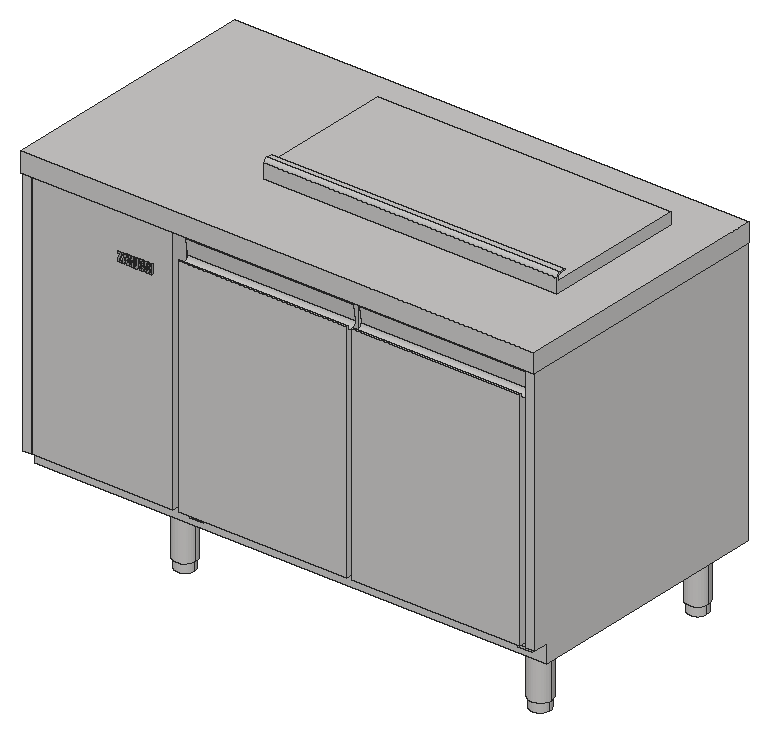
Revit family "QF_ZANUSSI_111035_ZH2SBAA", category Specialty Equipment, Revit 2018
Family settings
  Round Connector Dimension = Use Diameter
  Part Type = Normal
  Work Plane-Based = No
  Always vertical = Yes
  Cut with Voids When Loaded = No
  Shared = No
  Room Calculation Point = No
Parameters
  Weight = 0.00 kg
  Watts = 0.0232258 W
  Volts = 220 V
  URL Manufacturer = "http://www.zanussiprofessional.com/"
  URL = "http://www.zanussiprofessional.com/"
  Steam Supply Size = 0 mm
  Steam Supply Minimum Pressure = 0.0 Pa
  Steam Supply Maximum Pressure = 0.0 Pa
  Steam Pounds per Hour = 0
  Show Logo [instance] = yes
  Show Clearance [instance] = yes
  Refrigeration Suction Line Size = 0 mm
  Refrigeration Liquid Line Size = 0 mm
  Refrigerant Compressor Remote = yes
  Manufacturer = "Zanussi"
  Phase = 1
  Model = "ZH2SBAA"
  Length Actual = 1345 mm  # constant formula
  Item Number = "111035"
  Hot Water Size = 0 mm
  Height Actual = 900 mm  # constant formula
  HP = "0.3 HP"
  Gas Size = 0 mm
  Gas KW = 0
  Gas Input Pressure = 0 W
  Description = "2 DOORS REFR. TABLE-SALADETTE 290L"
  Depth Actual = 700 mm  # constant formula
  Cycle = 50 Hz
  Condensate Return Size = 0 mm
  Compressed Air Volume = 0.0 L/s
  Compressed Air Size = 0 mm
  Compressed Air Pressure = 0.0 Pa
  Cold Water Size = 0 mm
  Accessory = yes
Reference planes
  plane 1 "Center X": y = 182.5
  plane 2: z = 0
  plane 3 "Center Y": x = -126.5
  plane 4: y = -62.5
  plane 5: y = 451.5
  plane 6 "BACK": y = 532.5
  plane 7 "FRONT": y = -167.5
  plane 8: x = -452
  plane 9: x = 478
  plane 10: z = 150
  plane 11 "TOP": z = 900
  plane 12: z = 850
  plane 13 "LEFT": x = -797
  plane 14 "RIGHT": x = 544
  plane 15: x = -799
  plane 16: x = 546
Forms (mm)
  Extrusion 1, solid, material "QF_Finishes_Stainless Steel"
    sketch origin (-126.5, 2, 0) x (0, 1, 0) y (0, 0, 1)
      loop
        line (530.5, 150) -> (530.5, 850) -> (-124.5, 850) -> (-124.5, 150) -> (530.5, 150)
    from -670.5 to 670.5
  Extrusion 2, solid, material "QF_Finishes_Stainless Steel"
    sketch origin (-1022.223, -1524, 150) x (-1, 0, 0) y (0, -1, 0)
      loop
        line (-225.223, -1361.5) -> (-250.223, -1361.5) -> (-250.223, -1401.5) -> (-225.223, -1401.5) -> (-225.223, -1361.5)
      loop
        line (-1566.223, -1401.5) -> (-1541.223, -1401.5) -> (-1541.223, -1361.5) -> (-1566.223, -1361.5) -> (-1566.223, -1401.5)
    from 47 to 700
  Extrusion 3, solid, material "QF_Finishes_Stainless Steel"
    sketch origin (0, 0, 900) x (-1, 0, 0) y (0, -1, 0)
      loop
        circle (-57, -94.5) r 8.45
    from -790.577 to -750
  Extrusion 4, solid, material "QF_Finishes_Stainless Steel"
    sketch origin (0, 0, 0) x (1, 0, 0) y (0, 1, 0)
      loop
        circle (-713, 451.5) r 4
    from 109.423 to 150
  Extrusion 5, solid, material "QF_Finishes_Stainless Steel"
    sketch origin (-126.5, 0, 0) x (0, 1, 0) y (0, 0, 1)
      loop
        line (-167.5, 900) -> (-167.5, 850) -> (532.5, 850) -> (532.5, 900) -> (-167.5, 900)
    from 672.5 to -672.5
Cuts and joins
  joined: Extrusion 1, Extrusion 2
Lines and regions (mm)
  symbolic lines, style "SpecialityEquipmentHiddenLines"
    curve 1: line (-799, -122.5, 900) -> (546, -122.5, 900)
    curve 2: line (-396, -167.5, 900) -> (-396, -122.5, 900)
  symbolic lines, style "SpecialityEquipment"
    curve 3: line (-799, 532.5, 900) -> (546, 532.5, 900)
    curve 4: line (-799, 532.5, 900) -> (-799, -167.5, 900)
    curve 5: line (-799, -167.5, 900) -> (546, -167.5, 900)
    curve 6: line (546, -167.5, 900) -> (546, 532.5, 900)
Dimensions and locks
  locked: plane 6 "BACK" to plane 7 "FRONT" at 700
  equal spacing: plane 6 "BACK", plane 1 "Center X", plane 7 "FRONT"
  locked: plane 6 "BACK" to plane 5 at 81
  plane 10 to level = 150 mm
  plane 11 "TOP" to plane 12 to plane 10 = 50 mm locked, 700 mm locked
  locked: Extrusion 2 sketch curve to Extrusion 2 sketch curve at 25  (x2)
  locked: plane 4 to plane 7 "FRONT" at 105
  locked: plane 6 "BACK" to Extrusion 3 sketch curve at 438
  equal spacing: plane 13 "LEFT", plane 3 "Center Y", plane 14 "RIGHT"
  plane 15 to plane 16 = 1345 mm
  locked: plane 13 "LEFT" to plane 8 at 345
  locked: plane 9 to plane 14 "RIGHT" at 66
  locked: Extrusion 3 sketch curve to plane 14 "RIGHT" at 487
  plane 13 "LEFT" to Extrusion 4 sketch curve = 84 mm
  locked: plane 6 "BACK" to Extrusion 4 sketch curve at 81
  locked: plane 10 to Extrusion 4 at 40.577
  aligned and locked: level to plane 2
  aligned and locked: plane 10 to Extrusion 3
  aligned and locked: nested 4 to plane 4
  aligned and locked: nested 1 to plane 4
  aligned and locked: nested 3 to plane 5
  aligned and locked: nested 2 to plane 5
  aligned and locked: plane 8 to nested 1
  aligned and locked: plane 8 to nested 2
  aligned and locked: plane 9 to nested 4
  aligned and locked: plane 9 to nested 3
  aligned and locked: Extrusion 1 to Extrusion 2
  aligned and locked: Extrusion 2 to Extrusion 1
  aligned and locked: Extrusion 2 sketch curve to plane 14 "RIGHT"
  aligned and locked: plane 13 "LEFT" to Extrusion 2 sketch curve
  aligned and locked: cut or joined group of Extrusion 1, Extrusion 2 to plane 10
  aligned and locked: plane 12 to cut or joined group of Extrusion 1, Extrusion 2
  aligned and locked: plane 10 to Extrusion 4
  aligned and locked: Extrusion 5 sketch curve to plane 11 "TOP"
  aligned and locked: plane 7 "FRONT" to Extrusion 5 sketch curve
  aligned and locked: Extrusion 5 sketch curve to cut or joined group of Extrusion 1, Extrusion 2  (x2)
  aligned and locked: Extrusion 5 to curve 3
Automatic sketch dimensions
  plane 7 "FRONT" to Extrusion 2 sketch curve = 45 mm  (x2)
  plane 7 "FRONT" to Extrusion 2 sketch curve = 5 mm  (x2)
  curve 2 to plane 7 "FRONT" = 0 mm
  curve 5 to plane 15 = 0 mm
  curve 3 to plane 6 "BACK" = 0 mm
  plane 8 to curve 2 = 56 mm
  plane 7 "FRONT" to curve 1 = 45 mm
  Extrusion 1 sketch curve to plane 10 = 0 mm
  Extrusion 1 sketch curve to plane 12 = 0 mm
  Extrusion 1 sketch curve to plane 6 "BACK" = 0 mm
  plane 7 "FRONT" to Extrusion 1 sketch curve = 45 mm
  radius of Extrusion 3 sketch curve = 8.45 mm
  radius of Extrusion 4 sketch curve = 4 mm
Nested families
  nested 1: "Foot_Ø50_H150" at (-452, -62.5, 0), type "Foot_Ø50_H150"
  nested 2: "Foot_Ø50_H150" at (-452, 451.5, 0), type "Foot_Ø50_H150"
  nested 3: "Foot_Ø50_H150" at (478, 451.5, 0), type "Foot_Ø50_H150"
  nested 4: "Foot_Ø50_H150" at (478, -62.5, 0), type "Foot_Ø50_H150"
  nested 5: "Door" at (285, -164.5, 0), Show Clearance <- "Show Clearance", type "Door"
  nested 6: "Door" at (-169, -164.5, 0) x (-1, 0, 0) z (0, 0, 1), Show Clearance <- "Show Clearance", type "Door"
  nested 7: "Refrigerator" at (544, -167.5, 900), type "Refrigerator"
  nested 8: "ZAN_Cooling Unit" at (-587.5, -164.5, 0), Show Logo <- "Show Logo", type "ZAN_Cooling Unit"
  nested 9: "Saladette_2C" at (0, 0, 0), type "Saladette_2C"
    with Show Clearance yes
Connectors
  electrical at (-713, 451.5, 109.423), driven by "Volts"
    settings: on Extrusion 4, index 4, voltage 220 V, apparent load 0 VA, apparent load phase1 0 VA, apparent load phase2 0 VA, apparent load phase3 0 VA, power factor 1, load classification "Altro", number of poles 1, system type 30, power factor state 1, is connector primary yes, connector utility no, sub classification motor no, connector description "Electrical Connection"
  piping at (57, 94.5, 109.423), diameter 17
    settings: on Extrusion 3, index 5, connector inside diameter 609.6 mm, connector length 0 mm, flow factor 0, pipe flow 0.0 L/s, pressure drop 0.0 Pa, fitting loss kfactor 0, connector angle 0.00°, fixture units 0, engagement length 0 mm, angle of deflection 0.00°, flow configuration 1, flow direction 2, fitting loss method 0, system type 16, joint type 0, gender type 0, connector reference index -1, connector utility 0, adjustable connector no, is connector primary yes, connector description "Drain"
Definition of nested family "Foot_Ø50_H150"
  Reference planes
    plane 1 "Centro (Fronte/Retro)": y = 0
    plane 2: z = 0
    plane 3 "Centro (Sinistra/Destra)": x = 0
    plane 4: z = 150
  Forms (mm)
    Revolve 1, solid
      sketch origin (255.05, 0, 608.09) x (0, 0, 1) y (-1, 0, 0)
        loop
          line (-608.09, 255.05) -> (-608.09, 230.05) -> (-583.09, 230.05) -> (-583.09, 226.05) -> (-458.09, 226.05) -> (-458.09, 255.05) -> (-608.09, 255.05)
        axis (-608.09, 255.05) -> (-458.09, 255.05)
      angle from 0 to 360
  Dimensions and locks
    locked: Revolve 1 sketch curve to Revolve 1 sketch curve at 125
    aligned and locked: level to plane 2
    aligned and locked: plane 4 to Revolve 1 sketch curve
    aligned and locked: Revolve 1 sketch curve to level
    aligned and locked: plane 3 "Centro (Sinistra/Destra)" to Revolve 1 sketch curve
Definition of nested family "Door"
  Parameters
    Show Clearance [instance] = yes
  Reference planes
    plane 1 "FRONT": y = -3
    plane 2: z = 0
    plane 3 "Centro (Sinistra/Destra)": x = 0
    plane 4: z = 150
    plane 5: z = 850
    plane 6: x = -234
    plane 7: x = 234
    plane 8: x = -220
    plane 9: x = 220
  Forms (mm)
    Extrusion 1, solid
      sketch origin (0, 53, 511) x (0, 0, 1) y (0, -1, 0)
        loop
          line (-323.003, 28.5) -> (-316.501, 28.5) -> (-316.501, 31) -> (-325.503, 31) -> (-325.503, 13.5) -> (-345.503, 13.5) -> (-345.503, 11) -> (-323.003, 11) -> (-323.003, 23.259) -> (-323.003, 28.5)
        loop
          line (-314, 27) -> (-316.501, 27) -> (-316.501, 18.501) -> (-319.752, 18.501) -> (-319.752, 16) -> (-314, 16) -> (-314, 27)
        loop
          line (315.003, 27) -> (315.003, 13.948) -> (315.003, 11) -> (327.503, 11) -> (327.503, 13.5) -> (317.503, 13.5) -> (317.503, 27) -> (315.003, 27)
      from 185 to 220
    Extrusion 2, solid, visible <- "Show Clearance", detail levels coarse
      sketch origin (0, 53, 511) x (0, -1, 0) y (1, 0, 0)
        loop
          line (51, 220) -> (51, -220)
          arc (51, -220) -> (339.234, -79.44) -> (454, 220) r 437.168
          line (454, 220) -> (51, 220)
      from -314 to 314
    Extrusion 3, solid
      sketch origin (0, 55, 511) x (0, 0, 1) y (0, -1, 0)
        loop
          line (314, 18) -> (314, 29) -> (274.395, 22.5)
          arc (274.395, 22.5) -> (260.395, 36.5) -> (274.395, 50.5) r 14
          line (274.395, 50.5) -> (274.395, 53) -> (-314, 53) -> (-314, 18) -> (314, 18)
      from -220 to 220
  Lines and regions (mm)
    symbolic lines
      curve 1: line (220, -3, 0) -> (220, -401, 0)
      curve 2: line (220, -401, 0) -> (185, -401, 0)
      curve 3: line (185, -401, 0) -> (185, -3, 0)
      curve 4: arc (-219.722, -3, 0) -> (-89.51, -275.368, 0) -> (185, -401, 0) r 442.855
  Dimensions and locks
    aligned and locked: level to plane 2
Definition of nested family "ZAN_Cooling Unit"
  Parameters
    Show Logo [instance] = yes
  Reference planes
    plane 1 "FRONT": y = -3
    plane 2: z = 0
    plane 3 "Centro (Sinistra/Destra)": x = 0
    plane 4: z = 150
    plane 5: z = 850
    plane 6: x = -184.5
    plane 7: x = 184.5
  Forms (mm)
    Extrusion 1, solid
      sketch origin (0, 55, 511) x (0, 0, 1) y (0, -1, 0)
        loop
          line (-314, 53) -> (-314, 13) -> (339, 13) -> (339, 53) -> (-314, 53)
      from -184.5 to 184.5
  Lines and regions (mm)
    Split face 1
      outline origin (0, 2, 197) x (0, 0, 1) y (-1, 0, 0)
        loop
          line (566.835, 184.5) -> (566.835, -184.5)
        loop
          line (521.835, 184.5) -> (521.835, -184.5)
    Split face 2
      outline origin (0, 2, 197) x (0, 0, 1) y (-1, 0, 0)
        loop
          arc (510.649, 158.547) -> (506.648, 162.548) -> (502.647, 158.547) r 4.001
          line (502.647, 158.547) -> (502.647, 116.535)
          arc (502.647, 116.535) -> (506.648, 112.533) -> (510.649, 116.535) r 4.001
          line (510.649, 116.535) -> (510.649, 158.547)
    Split face 3
      outline origin (0, 2, 184.996) x (0, 0, 1) y (-1, 0, 0)
        loop
          arc (510.649, 158.547) -> (506.648, 162.548) -> (502.647, 158.547) r 4.001
          line (502.647, 158.547) -> (502.647, 116.535)
          arc (502.647, 116.535) -> (506.648, 112.533) -> (510.649, 116.535) r 4.001
          line (510.649, 116.535) -> (510.649, 158.547)
    Split face 4
      outline origin (0, 2, 172.993) x (0, 0, 1) y (-1, 0, 0)
        loop
          arc (510.649, 158.547) -> (506.648, 162.548) -> (502.647, 158.547) r 4.001
          line (502.647, 158.547) -> (502.647, 116.535)
          arc (502.647, 116.535) -> (506.648, 112.533) -> (510.649, 116.535) r 4.001
          line (510.649, 116.535) -> (510.649, 158.547)
    Split face 5
      outline origin (0, 2, 160.989) x (0, 0, 1) y (-1, 0, 0)
        loop
          arc (510.649, 158.547) -> (506.648, 162.548) -> (502.647, 158.547) r 4.001
          line (502.647, 158.547) -> (502.647, 116.535)
          arc (502.647, 116.535) -> (506.648, 112.533) -> (510.649, 116.535) r 4.001
          line (510.649, 116.535) -> (510.649, 158.547)
    Split face 6
      outline origin (0, 2, 148.986) x (0, 0, 1) y (-1, 0, 0)
        loop
          arc (510.649, 158.547) -> (506.648, 162.548) -> (502.647, 158.547) r 4.001
          line (502.647, 158.547) -> (502.647, 116.535)
          arc (502.647, 116.535) -> (506.648, 112.533) -> (510.649, 116.535) r 4.001
          line (510.649, 116.535) -> (510.649, 158.547)
    Split face 7
      outline origin (0, 2, 136.982) x (0, 0, 1) y (-1, 0, 0)
        loop
          arc (510.649, 158.547) -> (506.648, 162.548) -> (502.647, 158.547) r 4.001
          line (502.647, 158.547) -> (502.647, 116.535)
          arc (502.647, 116.535) -> (506.648, 112.533) -> (510.649, 116.535) r 4.001
          line (510.649, 116.535) -> (510.649, 158.547)
    Split face 8
      outline origin (0, 2, 124.979) x (0, 0, 1) y (-1, 0, 0)
        loop
          arc (510.649, 158.547) -> (506.648, 162.548) -> (502.647, 158.547) r 4.001
          line (502.647, 158.547) -> (502.647, 116.535)
          arc (502.647, 116.535) -> (506.648, 112.533) -> (510.649, 116.535) r 4.001
          line (510.649, 116.535) -> (510.649, 158.547)
    Split face 9
      outline origin (0, 2, 112.975) x (0, 0, 1) y (-1, 0, 0)
        loop
          arc (510.649, 158.547) -> (506.648, 162.548) -> (502.647, 158.547) r 4.001
          line (502.647, 158.547) -> (502.647, 116.535)
          arc (502.647, 116.535) -> (506.648, 112.533) -> (510.649, 116.535) r 4.001
          line (510.649, 116.535) -> (510.649, 158.547)
    Split face 10
      outline origin (0, 2, 100.972) x (0, 0, 1) y (-1, 0, 0)
        loop
          arc (510.649, 158.547) -> (506.648, 162.548) -> (502.647, 158.547) r 4.001
          line (502.647, 158.547) -> (502.647, 116.535)
          arc (502.647, 116.535) -> (506.648, 112.533) -> (510.649, 116.535) r 4.001
          line (510.649, 116.535) -> (510.649, 158.547)
    Split face 11
      outline origin (0, 2, 88.968) x (0, 0, 1) y (-1, 0, 0)
        loop
          arc (510.649, 158.547) -> (506.648, 162.548) -> (502.647, 158.547) r 4.001
          line (502.647, 158.547) -> (502.647, 116.535)
          arc (502.647, 116.535) -> (506.648, 112.533) -> (510.649, 116.535) r 4.001
          line (510.649, 116.535) -> (510.649, 158.547)
    Split face 12
      outline origin (0, 2, 76.965) x (0, 0, 1) y (-1, 0, 0)
        loop
          arc (510.649, 158.547) -> (506.648, 162.548) -> (502.647, 158.547) r 4.001
          line (502.647, 158.547) -> (502.647, 116.535)
          arc (502.647, 116.535) -> (506.648, 112.533) -> (510.649, 116.535) r 4.001
          line (510.649, 116.535) -> (510.649, 158.547)
    Split face 13
      outline origin (0, 2, 64.961) x (0, 0, 1) y (-1, 0, 0)
        loop
          arc (510.649, 158.547) -> (506.648, 162.548) -> (502.647, 158.547) r 4.001
          line (502.647, 158.547) -> (502.647, 116.535)
          arc (502.647, 116.535) -> (506.648, 112.533) -> (510.649, 116.535) r 4.001
          line (510.649, 116.535) -> (510.649, 158.547)
    Split face 14
      outline origin (0, 2, 52.958) x (0, 0, 1) y (-1, 0, 0)
        loop
          arc (510.649, 158.547) -> (506.648, 162.548) -> (502.647, 158.547) r 4.001
          line (502.647, 158.547) -> (502.647, 116.535)
          arc (502.647, 116.535) -> (506.648, 112.533) -> (510.649, 116.535) r 4.001
          line (510.649, 116.535) -> (510.649, 158.547)
    Split face 15
      outline origin (0, 2, 40.954) x (0, 0, 1) y (-1, 0, 0)
        loop
          arc (510.649, 158.547) -> (506.648, 162.548) -> (502.647, 158.547) r 4.001
          line (502.647, 158.547) -> (502.647, 116.535)
          arc (502.647, 116.535) -> (506.648, 112.533) -> (510.649, 116.535) r 4.001
          line (510.649, 116.535) -> (510.649, 158.547)
    Split face 16
      outline origin (0, 2, 28.951) x (0, 0, 1) y (-1, 0, 0)
        loop
          arc (510.649, 158.547) -> (506.648, 162.548) -> (502.647, 158.547) r 4.001
          line (502.647, 158.547) -> (502.647, 116.535)
          arc (502.647, 116.535) -> (506.648, 112.533) -> (510.649, 116.535) r 4.001
          line (510.649, 116.535) -> (510.649, 158.547)
    Split face 17
      outline origin (0, 2, 16.947) x (0, 0, 1) y (-1, 0, 0)
        loop
          arc (510.649, 158.547) -> (506.648, 162.548) -> (502.647, 158.547) r 4.001
          line (502.647, 158.547) -> (502.647, 116.535)
          arc (502.647, 116.535) -> (506.648, 112.533) -> (510.649, 116.535) r 4.001
          line (510.649, 116.535) -> (510.649, 158.547)
    Split face 18
      outline origin (55.016, 2, 197) x (0, 0, 1) y (-1, 0, 0)
        loop
          arc (510.649, 158.547) -> (506.648, 162.548) -> (502.647, 158.547) r 4.001
          line (502.647, 158.547) -> (502.647, 116.535)
          arc (502.647, 116.535) -> (506.648, 112.533) -> (510.649, 116.535) r 4.001
          line (510.649, 116.535) -> (510.649, 158.547)
    Split face 19
      outline origin (55.016, 2, 184.996) x (0, 0, 1) y (-1, 0, 0)
        loop
          arc (510.649, 158.547) -> (506.648, 162.548) -> (502.647, 158.547) r 4.001
          line (502.647, 158.547) -> (502.647, 116.535)
          arc (502.647, 116.535) -> (506.648, 112.533) -> (510.649, 116.535) r 4.001
          line (510.649, 116.535) -> (510.649, 158.547)
    Split face 20
      outline origin (55.016, 2, 172.993) x (0, 0, 1) y (-1, 0, 0)
        loop
          arc (510.649, 158.547) -> (506.648, 162.548) -> (502.647, 158.547) r 4.001
          line (502.647, 158.547) -> (502.647, 116.535)
          arc (502.647, 116.535) -> (506.648, 112.533) -> (510.649, 116.535) r 4.001
          line (510.649, 116.535) -> (510.649, 158.547)
    Split face 21
      outline origin (55.016, 2, 160.989) x (0, 0, 1) y (-1, 0, 0)
        loop
          arc (510.649, 158.547) -> (506.648, 162.548) -> (502.647, 158.547) r 4.001
          line (502.647, 158.547) -> (502.647, 116.535)
          arc (502.647, 116.535) -> (506.648, 112.533) -> (510.649, 116.535) r 4.001
          line (510.649, 116.535) -> (510.649, 158.547)
    Split face 22
      outline origin (55.016, 2, 148.986) x (0, 0, 1) y (-1, 0, 0)
        loop
          arc (510.649, 158.547) -> (506.648, 162.548) -> (502.647, 158.547) r 4.001
          line (502.647, 158.547) -> (502.647, 116.535)
          arc (502.647, 116.535) -> (506.648, 112.533) -> (510.649, 116.535) r 4.001
          line (510.649, 116.535) -> (510.649, 158.547)
    Split face 23
      outline origin (55.016, 2, 136.982) x (0, 0, 1) y (-1, 0, 0)
        loop
          arc (510.649, 158.547) -> (506.648, 162.548) -> (502.647, 158.547) r 4.001
          line (502.647, 158.547) -> (502.647, 116.535)
          arc (502.647, 116.535) -> (506.648, 112.533) -> (510.649, 116.535) r 4.001
          line (510.649, 116.535) -> (510.649, 158.547)
    Split face 24
      outline origin (55.016, 2, 124.979) x (0, 0, 1) y (-1, 0, 0)
        loop
          arc (510.649, 158.547) -> (506.648, 162.548) -> (502.647, 158.547) r 4.001
          line (502.647, 158.547) -> (502.647, 116.535)
          arc (502.647, 116.535) -> (506.648, 112.533) -> (510.649, 116.535) r 4.001
          line (510.649, 116.535) -> (510.649, 158.547)
    Split face 25
      outline origin (55.016, 2, 112.975) x (0, 0, 1) y (-1, 0, 0)
        loop
          arc (510.649, 158.547) -> (506.648, 162.548) -> (502.647, 158.547) r 4.001
          line (502.647, 158.547) -> (502.647, 116.535)
          arc (502.647, 116.535) -> (506.648, 112.533) -> (510.649, 116.535) r 4.001
          line (510.649, 116.535) -> (510.649, 158.547)
    Split face 26
      outline origin (55.016, 2, 100.972) x (0, 0, 1) y (-1, 0, 0)
        loop
          arc (510.649, 158.547) -> (506.648, 162.548) -> (502.647, 158.547) r 4.001
          line (502.647, 158.547) -> (502.647, 116.535)
          arc (502.647, 116.535) -> (506.648, 112.533) -> (510.649, 116.535) r 4.001
          line (510.649, 116.535) -> (510.649, 158.547)
    Split face 27
      outline origin (55.016, 2, 88.968) x (0, 0, 1) y (-1, 0, 0)
        loop
          arc (510.649, 158.547) -> (506.648, 162.548) -> (502.647, 158.547) r 4.001
          line (502.647, 158.547) -> (502.647, 116.535)
          arc (502.647, 116.535) -> (506.648, 112.533) -> (510.649, 116.535) r 4.001
          line (510.649, 116.535) -> (510.649, 158.547)
    Split face 28
      outline origin (55.016, 2, 76.965) x (0, 0, 1) y (-1, 0, 0)
        loop
          arc (510.649, 158.547) -> (506.648, 162.548) -> (502.647, 158.547) r 4.001
          line (502.647, 158.547) -> (502.647, 116.535)
          arc (502.647, 116.535) -> (506.648, 112.533) -> (510.649, 116.535) r 4.001
          line (510.649, 116.535) -> (510.649, 158.547)
    Split face 29
      outline origin (55.016, 2, 64.961) x (0, 0, 1) y (-1, 0, 0)
        loop
          arc (510.649, 158.547) -> (506.648, 162.548) -> (502.647, 158.547) r 4.001
          line (502.647, 158.547) -> (502.647, 116.535)
          arc (502.647, 116.535) -> (506.648, 112.533) -> (510.649, 116.535) r 4.001
          line (510.649, 116.535) -> (510.649, 158.547)
    Split face 30
      outline origin (55.016, 2, 52.958) x (0, 0, 1) y (-1, 0, 0)
        loop
          arc (510.649, 158.547) -> (506.648, 162.548) -> (502.647, 158.547) r 4.001
          line (502.647, 158.547) -> (502.647, 116.535)
          arc (502.647, 116.535) -> (506.648, 112.533) -> (510.649, 116.535) r 4.001
          line (510.649, 116.535) -> (510.649, 158.547)
    Split face 31
      outline origin (55.016, 2, 40.954) x (0, 0, 1) y (-1, 0, 0)
        loop
          arc (510.649, 158.547) -> (506.648, 162.548) -> (502.647, 158.547) r 4.001
          line (502.647, 158.547) -> (502.647, 116.535)
          arc (502.647, 116.535) -> (506.648, 112.533) -> (510.649, 116.535) r 4.001
          line (510.649, 116.535) -> (510.649, 158.547)
    Split face 32
      outline origin (55.016, 2, 28.951) x (0, 0, 1) y (-1, 0, 0)
        loop
          arc (510.649, 158.547) -> (506.648, 162.548) -> (502.647, 158.547) r 4.001
          line (502.647, 158.547) -> (502.647, 116.535)
          arc (502.647, 116.535) -> (506.648, 112.533) -> (510.649, 116.535) r 4.001
          line (510.649, 116.535) -> (510.649, 158.547)
    Split face 33
      outline origin (55.016, 2, 16.947) x (0, 0, 1) y (-1, 0, 0)
        loop
          arc (510.649, 158.547) -> (506.648, 162.548) -> (502.647, 158.547) r 4.001
          line (502.647, 158.547) -> (502.647, 116.535)
          arc (502.647, 116.535) -> (506.648, 112.533) -> (510.649, 116.535) r 4.001
          line (510.649, 116.535) -> (510.649, 158.547)
    Split face 34
      outline origin (110.032, 2, 197) x (0, 0, 1) y (-1, 0, 0)
        loop
          arc (510.649, 158.547) -> (506.648, 162.548) -> (502.647, 158.547) r 4.001
          line (502.647, 158.547) -> (502.647, 116.535)
          arc (502.647, 116.535) -> (506.648, 112.533) -> (510.649, 116.535) r 4.001
          line (510.649, 116.535) -> (510.649, 158.547)
    Split face 35
      outline origin (110.032, 2, 184.996) x (0, 0, 1) y (-1, 0, 0)
        loop
          arc (510.649, 158.547) -> (506.648, 162.548) -> (502.647, 158.547) r 4.001
          line (502.647, 158.547) -> (502.647, 116.535)
          arc (502.647, 116.535) -> (506.648, 112.533) -> (510.649, 116.535) r 4.001
          line (510.649, 116.535) -> (510.649, 158.547)
    Split face 36
      outline origin (110.032, 2, 172.993) x (0, 0, 1) y (-1, 0, 0)
        loop
          arc (510.649, 158.547) -> (506.648, 162.548) -> (502.647, 158.547) r 4.001
          line (502.647, 158.547) -> (502.647, 116.535)
          arc (502.647, 116.535) -> (506.648, 112.533) -> (510.649, 116.535) r 4.001
          line (510.649, 116.535) -> (510.649, 158.547)
    Split face 37
      outline origin (110.032, 2, 160.989) x (0, 0, 1) y (-1, 0, 0)
        loop
          arc (510.649, 158.547) -> (506.648, 162.548) -> (502.647, 158.547) r 4.001
          line (502.647, 158.547) -> (502.647, 116.535)
          arc (502.647, 116.535) -> (506.648, 112.533) -> (510.649, 116.535) r 4.001
          line (510.649, 116.535) -> (510.649, 158.547)
    Split face 38
      outline origin (110.032, 2, 148.986) x (0, 0, 1) y (-1, 0, 0)
        loop
          arc (510.649, 158.547) -> (506.648, 162.548) -> (502.647, 158.547) r 4.001
          line (502.647, 158.547) -> (502.647, 116.535)
          arc (502.647, 116.535) -> (506.648, 112.533) -> (510.649, 116.535) r 4.001
          line (510.649, 116.535) -> (510.649, 158.547)
    Split face 39
      outline origin (110.032, 2, 136.982) x (0, 0, 1) y (-1, 0, 0)
        loop
          arc (510.649, 158.547) -> (506.648, 162.548) -> (502.647, 158.547) r 4.001
          line (502.647, 158.547) -> (502.647, 116.535)
          arc (502.647, 116.535) -> (506.648, 112.533) -> (510.649, 116.535) r 4.001
          line (510.649, 116.535) -> (510.649, 158.547)
    Split face 40
      outline origin (110.032, 2, 124.979) x (0, 0, 1) y (-1, 0, 0)
        loop
          arc (510.649, 158.547) -> (506.648, 162.548) -> (502.647, 158.547) r 4.001
          line (502.647, 158.547) -> (502.647, 116.535)
          arc (502.647, 116.535) -> (506.648, 112.533) -> (510.649, 116.535) r 4.001
          line (510.649, 116.535) -> (510.649, 158.547)
    Split face 41
      outline origin (110.032, 2, 112.975) x (0, 0, 1) y (-1, 0, 0)
        loop
          arc (510.649, 158.547) -> (506.648, 162.548) -> (502.647, 158.547) r 4.001
          line (502.647, 158.547) -> (502.647, 116.535)
          arc (502.647, 116.535) -> (506.648, 112.533) -> (510.649, 116.535) r 4.001
          line (510.649, 116.535) -> (510.649, 158.547)
    Split face 42
      outline origin (110.032, 2, 100.972) x (0, 0, 1) y (-1, 0, 0)
        loop
          arc (510.649, 158.547) -> (506.648, 162.548) -> (502.647, 158.547) r 4.001
          line (502.647, 158.547) -> (502.647, 116.535)
          arc (502.647, 116.535) -> (506.648, 112.533) -> (510.649, 116.535) r 4.001
          line (510.649, 116.535) -> (510.649, 158.547)
    Split face 43
      outline origin (110.032, 2, 88.968) x (0, 0, 1) y (-1, 0, 0)
        loop
          arc (510.649, 158.547) -> (506.648, 162.548) -> (502.647, 158.547) r 4.001
          line (502.647, 158.547) -> (502.647, 116.535)
          arc (502.647, 116.535) -> (506.648, 112.533) -> (510.649, 116.535) r 4.001
          line (510.649, 116.535) -> (510.649, 158.547)
    Split face 44
      outline origin (110.032, 2, 76.965) x (0, 0, 1) y (-1, 0, 0)
        loop
          arc (510.649, 158.547) -> (506.648, 162.548) -> (502.647, 158.547) r 4.001
          line (502.647, 158.547) -> (502.647, 116.535)
          arc (502.647, 116.535) -> (506.648, 112.533) -> (510.649, 116.535) r 4.001
          line (510.649, 116.535) -> (510.649, 158.547)
    Split face 45
      outline origin (110.032, 2, 64.961) x (0, 0, 1) y (-1, 0, 0)
        loop
          arc (510.649, 158.547) -> (506.648, 162.548) -> (502.647, 158.547) r 4.001
          line (502.647, 158.547) -> (502.647, 116.535)
          arc (502.647, 116.535) -> (506.648, 112.533) -> (510.649, 116.535) r 4.001
          line (510.649, 116.535) -> (510.649, 158.547)
    Split face 46
      outline origin (110.032, 2, 52.958) x (0, 0, 1) y (-1, 0, 0)
        loop
          arc (510.649, 158.547) -> (506.648, 162.548) -> (502.647, 158.547) r 4.001
          line (502.647, 158.547) -> (502.647, 116.535)
          arc (502.647, 116.535) -> (506.648, 112.533) -> (510.649, 116.535) r 4.001
          line (510.649, 116.535) -> (510.649, 158.547)
    Split face 47
      outline origin (110.032, 2, 40.954) x (0, 0, 1) y (-1, 0, 0)
        loop
          arc (510.649, 158.547) -> (506.648, 162.548) -> (502.647, 158.547) r 4.001
          line (502.647, 158.547) -> (502.647, 116.535)
          arc (502.647, 116.535) -> (506.648, 112.533) -> (510.649, 116.535) r 4.001
          line (510.649, 116.535) -> (510.649, 158.547)
    Split face 48
      outline origin (110.032, 2, 28.951) x (0, 0, 1) y (-1, 0, 0)
        loop
          arc (510.649, 158.547) -> (506.648, 162.548) -> (502.647, 158.547) r 4.001
          line (502.647, 158.547) -> (502.647, 116.535)
          arc (502.647, 116.535) -> (506.648, 112.533) -> (510.649, 116.535) r 4.001
          line (510.649, 116.535) -> (510.649, 158.547)
    Split face 49
      outline origin (110.032, 2, 16.947) x (0, 0, 1) y (-1, 0, 0)
        loop
          arc (510.649, 158.547) -> (506.648, 162.548) -> (502.647, 158.547) r 4.001
          line (502.647, 158.547) -> (502.647, 116.535)
          arc (502.647, 116.535) -> (506.648, 112.533) -> (510.649, 116.535) r 4.001
          line (510.649, 116.535) -> (510.649, 158.547)
    Split face 50
      outline origin (165.048, 2, 197) x (0, 0, 1) y (-1, 0, 0)
        loop
          arc (510.649, 158.547) -> (506.648, 162.548) -> (502.647, 158.547) r 4.001
          line (502.647, 158.547) -> (502.647, 116.535)
          arc (502.647, 116.535) -> (506.648, 112.533) -> (510.649, 116.535) r 4.001
          line (510.649, 116.535) -> (510.649, 158.547)
    Split face 51
      outline origin (165.048, 2, 184.996) x (0, 0, 1) y (-1, 0, 0)
        loop
          arc (510.649, 158.547) -> (506.648, 162.548) -> (502.647, 158.547) r 4.001
          line (502.647, 158.547) -> (502.647, 116.535)
          arc (502.647, 116.535) -> (506.648, 112.533) -> (510.649, 116.535) r 4.001
          line (510.649, 116.535) -> (510.649, 158.547)
    Split face 52
      outline origin (165.048, 2, 172.993) x (0, 0, 1) y (-1, 0, 0)
        loop
          arc (510.649, 158.547) -> (506.648, 162.548) -> (502.647, 158.547) r 4.001
          line (502.647, 158.547) -> (502.647, 116.535)
          arc (502.647, 116.535) -> (506.648, 112.533) -> (510.649, 116.535) r 4.001
          line (510.649, 116.535) -> (510.649, 158.547)
    Split face 53
      outline origin (165.048, 2, 160.989) x (0, 0, 1) y (-1, 0, 0)
        loop
          arc (510.649, 158.547) -> (506.648, 162.548) -> (502.647, 158.547) r 4.001
          line (502.647, 158.547) -> (502.647, 116.535)
          arc (502.647, 116.535) -> (506.648, 112.533) -> (510.649, 116.535) r 4.001
          line (510.649, 116.535) -> (510.649, 158.547)
    Split face 54
      outline origin (165.048, 2, 148.986) x (0, 0, 1) y (-1, 0, 0)
        loop
          arc (510.649, 158.547) -> (506.648, 162.548) -> (502.647, 158.547) r 4.001
          line (502.647, 158.547) -> (502.647, 116.535)
          arc (502.647, 116.535) -> (506.648, 112.533) -> (510.649, 116.535) r 4.001
          line (510.649, 116.535) -> (510.649, 158.547)
    Split face 55
      outline origin (165.048, 2, 136.982) x (0, 0, 1) y (-1, 0, 0)
        loop
          arc (510.649, 158.547) -> (506.648, 162.548) -> (502.647, 158.547) r 4.001
          line (502.647, 158.547) -> (502.647, 116.535)
          arc (502.647, 116.535) -> (506.648, 112.533) -> (510.649, 116.535) r 4.001
          line (510.649, 116.535) -> (510.649, 158.547)
    Split face 56
      outline origin (165.048, 2, 124.979) x (0, 0, 1) y (-1, 0, 0)
        loop
          arc (510.649, 158.547) -> (506.648, 162.548) -> (502.647, 158.547) r 4.001
          line (502.647, 158.547) -> (502.647, 116.535)
          arc (502.647, 116.535) -> (506.648, 112.533) -> (510.649, 116.535) r 4.001
          line (510.649, 116.535) -> (510.649, 158.547)
    Split face 57
      outline origin (165.048, 2, 112.975) x (0, 0, 1) y (-1, 0, 0)
        loop
          arc (510.649, 158.547) -> (506.648, 162.548) -> (502.647, 158.547) r 4.001
          line (502.647, 158.547) -> (502.647, 116.535)
          arc (502.647, 116.535) -> (506.648, 112.533) -> (510.649, 116.535) r 4.001
          line (510.649, 116.535) -> (510.649, 158.547)
    Split face 58
      outline origin (165.048, 2, 100.972) x (0, 0, 1) y (-1, 0, 0)
        loop
          arc (510.649, 158.547) -> (506.648, 162.548) -> (502.647, 158.547) r 4.001
          line (502.647, 158.547) -> (502.647, 116.535)
          arc (502.647, 116.535) -> (506.648, 112.533) -> (510.649, 116.535) r 4.001
          line (510.649, 116.535) -> (510.649, 158.547)
    Split face 59
      outline origin (165.048, 2, 88.968) x (0, 0, 1) y (-1, 0, 0)
        loop
          arc (510.649, 158.547) -> (506.648, 162.548) -> (502.647, 158.547) r 4.001
          line (502.647, 158.547) -> (502.647, 116.535)
          arc (502.647, 116.535) -> (506.648, 112.533) -> (510.649, 116.535) r 4.001
          line (510.649, 116.535) -> (510.649, 158.547)
    Split face 60
      outline origin (165.048, 2, 76.965) x (0, 0, 1) y (-1, 0, 0)
        loop
          arc (510.649, 158.547) -> (506.648, 162.548) -> (502.647, 158.547) r 4.001
          line (502.647, 158.547) -> (502.647, 116.535)
          arc (502.647, 116.535) -> (506.648, 112.533) -> (510.649, 116.535) r 4.001
          line (510.649, 116.535) -> (510.649, 158.547)
    Split face 61
      outline origin (165.048, 2, 64.961) x (0, 0, 1) y (-1, 0, 0)
        loop
          arc (510.649, 158.547) -> (506.648, 162.548) -> (502.647, 158.547) r 4.001
          line (502.647, 158.547) -> (502.647, 116.535)
          arc (502.647, 116.535) -> (506.648, 112.533) -> (510.649, 116.535) r 4.001
          line (510.649, 116.535) -> (510.649, 158.547)
    Split face 62
      outline origin (165.048, 2, 52.958) x (0, 0, 1) y (-1, 0, 0)
        loop
          arc (510.649, 158.547) -> (506.648, 162.548) -> (502.647, 158.547) r 4.001
          line (502.647, 158.547) -> (502.647, 116.535)
          arc (502.647, 116.535) -> (506.648, 112.533) -> (510.649, 116.535) r 4.001
          line (510.649, 116.535) -> (510.649, 158.547)
    Split face 63
      outline origin (165.048, 2, 40.954) x (0, 0, 1) y (-1, 0, 0)
        loop
          arc (510.649, 158.547) -> (506.648, 162.548) -> (502.647, 158.547) r 4.001
          line (502.647, 158.547) -> (502.647, 116.535)
          arc (502.647, 116.535) -> (506.648, 112.533) -> (510.649, 116.535) r 4.001
          line (510.649, 116.535) -> (510.649, 158.547)
    Split face 64
      outline origin (165.048, 2, 28.951) x (0, 0, 1) y (-1, 0, 0)
        loop
          arc (510.649, 158.547) -> (506.648, 162.548) -> (502.647, 158.547) r 4.001
          line (502.647, 158.547) -> (502.647, 116.535)
          arc (502.647, 116.535) -> (506.648, 112.533) -> (510.649, 116.535) r 4.001
          line (510.649, 116.535) -> (510.649, 158.547)
    Split face 65
      outline origin (165.048, 2, 16.947) x (0, 0, 1) y (-1, 0, 0)
        loop
          arc (510.649, 158.547) -> (506.648, 162.548) -> (502.647, 158.547) r 4.001
          line (502.647, 158.547) -> (502.647, 116.535)
          arc (502.647, 116.535) -> (506.648, 112.533) -> (510.649, 116.535) r 4.001
          line (510.649, 116.535) -> (510.649, 158.547)
    Split face 66
      outline origin (220.064, 2, 197) x (0, 0, 1) y (-1, 0, 0)
        loop
          arc (510.649, 158.547) -> (506.648, 162.548) -> (502.647, 158.547) r 4.001
          line (502.647, 158.547) -> (502.647, 116.535)
          arc (502.647, 116.535) -> (506.648, 112.533) -> (510.649, 116.535) r 4.001
          line (510.649, 116.535) -> (510.649, 158.547)
    Split face 67
      outline origin (220.064, 2, 184.996) x (0, 0, 1) y (-1, 0, 0)
        loop
          arc (510.649, 158.547) -> (506.648, 162.548) -> (502.647, 158.547) r 4.001
          line (502.647, 158.547) -> (502.647, 116.535)
          arc (502.647, 116.535) -> (506.648, 112.533) -> (510.649, 116.535) r 4.001
          line (510.649, 116.535) -> (510.649, 158.547)
    Split face 68
      outline origin (220.064, 2, 172.993) x (0, 0, 1) y (-1, 0, 0)
        loop
          arc (510.649, 158.547) -> (506.648, 162.548) -> (502.647, 158.547) r 4.001
          line (502.647, 158.547) -> (502.647, 116.535)
          arc (502.647, 116.535) -> (506.648, 112.533) -> (510.649, 116.535) r 4.001
          line (510.649, 116.535) -> (510.649, 158.547)
    Split face 69
      outline origin (220.064, 2, 160.989) x (0, 0, 1) y (-1, 0, 0)
        loop
          arc (510.649, 158.547) -> (506.648, 162.548) -> (502.647, 158.547) r 4.001
          line (502.647, 158.547) -> (502.647, 116.535)
          arc (502.647, 116.535) -> (506.648, 112.533) -> (510.649, 116.535) r 4.001
          line (510.649, 116.535) -> (510.649, 158.547)
    Split face 70
      outline origin (220.064, 2, 148.986) x (0, 0, 1) y (-1, 0, 0)
        loop
          arc (510.649, 158.547) -> (506.648, 162.548) -> (502.647, 158.547) r 4.001
          line (502.647, 158.547) -> (502.647, 116.535)
          arc (502.647, 116.535) -> (506.648, 112.533) -> (510.649, 116.535) r 4.001
          line (510.649, 116.535) -> (510.649, 158.547)
    Split face 71
      outline origin (220.064, 2, 136.982) x (0, 0, 1) y (-1, 0, 0)
        loop
          arc (510.649, 158.547) -> (506.648, 162.548) -> (502.647, 158.547) r 4.001
          line (502.647, 158.547) -> (502.647, 116.535)
          arc (502.647, 116.535) -> (506.648, 112.533) -> (510.649, 116.535) r 4.001
          line (510.649, 116.535) -> (510.649, 158.547)
    Split face 72
      outline origin (220.064, 2, 124.979) x (0, 0, 1) y (-1, 0, 0)
        loop
          arc (510.649, 158.547) -> (506.648, 162.548) -> (502.647, 158.547) r 4.001
          line (502.647, 158.547) -> (502.647, 116.535)
          arc (502.647, 116.535) -> (506.648, 112.533) -> (510.649, 116.535) r 4.001
          line (510.649, 116.535) -> (510.649, 158.547)
    Split face 73
      outline origin (220.064, 2, 112.975) x (0, 0, 1) y (-1, 0, 0)
        loop
          arc (510.649, 158.547) -> (506.648, 162.548) -> (502.647, 158.547) r 4.001
          line (502.647, 158.547) -> (502.647, 116.535)
          arc (502.647, 116.535) -> (506.648, 112.533) -> (510.649, 116.535) r 4.001
          line (510.649, 116.535) -> (510.649, 158.547)
    Split face 74
      outline origin (220.064, 2, 100.972) x (0, 0, 1) y (-1, 0, 0)
        loop
          arc (510.649, 158.547) -> (506.648, 162.548) -> (502.647, 158.547) r 4.001
          line (502.647, 158.547) -> (502.647, 116.535)
          arc (502.647, 116.535) -> (506.648, 112.533) -> (510.649, 116.535) r 4.001
          line (510.649, 116.535) -> (510.649, 158.547)
    Split face 75
      outline origin (220.064, 2, 88.968) x (0, 0, 1) y (-1, 0, 0)
        loop
          arc (510.649, 158.547) -> (506.648, 162.548) -> (502.647, 158.547) r 4.001
          line (502.647, 158.547) -> (502.647, 116.535)
          arc (502.647, 116.535) -> (506.648, 112.533) -> (510.649, 116.535) r 4.001
          line (510.649, 116.535) -> (510.649, 158.547)
    Split face 76
      outline origin (220.064, 2, 76.965) x (0, 0, 1) y (-1, 0, 0)
        loop
          arc (510.649, 158.547) -> (506.648, 162.548) -> (502.647, 158.547) r 4.001
          line (502.647, 158.547) -> (502.647, 116.535)
          arc (502.647, 116.535) -> (506.648, 112.533) -> (510.649, 116.535) r 4.001
          line (510.649, 116.535) -> (510.649, 158.547)
    Split face 77
      outline origin (220.064, 2, 64.961) x (0, 0, 1) y (-1, 0, 0)
        loop
          arc (510.649, 158.547) -> (506.648, 162.548) -> (502.647, 158.547) r 4.001
          line (502.647, 158.547) -> (502.647, 116.535)
          arc (502.647, 116.535) -> (506.648, 112.533) -> (510.649, 116.535) r 4.001
          line (510.649, 116.535) -> (510.649, 158.547)
    Split face 78
      outline origin (220.064, 2, 52.958) x (0, 0, 1) y (-1, 0, 0)
        loop
          arc (510.649, 158.547) -> (506.648, 162.548) -> (502.647, 158.547) r 4.001
          line (502.647, 158.547) -> (502.647, 116.535)
          arc (502.647, 116.535) -> (506.648, 112.533) -> (510.649, 116.535) r 4.001
          line (510.649, 116.535) -> (510.649, 158.547)
    Split face 79
      outline origin (220.064, 2, 40.954) x (0, 0, 1) y (-1, 0, 0)
        loop
          arc (510.649, 158.547) -> (506.648, 162.548) -> (502.647, 158.547) r 4.001
          line (502.647, 158.547) -> (502.647, 116.535)
          arc (502.647, 116.535) -> (506.648, 112.533) -> (510.649, 116.535) r 4.001
          line (510.649, 116.535) -> (510.649, 158.547)
    Split face 80
      outline origin (220.064, 2, 28.951) x (0, 0, 1) y (-1, 0, 0)
        loop
          arc (510.649, 158.547) -> (506.648, 162.548) -> (502.647, 158.547) r 4.001
          line (502.647, 158.547) -> (502.647, 116.535)
          arc (502.647, 116.535) -> (506.648, 112.533) -> (510.649, 116.535) r 4.001
          line (510.649, 116.535) -> (510.649, 158.547)
    Split face 81
      outline origin (220.064, 2, 16.947) x (0, 0, 1) y (-1, 0, 0)
        loop
          arc (510.649, 158.547) -> (506.648, 162.548) -> (502.647, 158.547) r 4.001
          line (502.647, 158.547) -> (502.647, 116.535)
          arc (502.647, 116.535) -> (506.648, 112.533) -> (510.649, 116.535) r 4.001
          line (510.649, 116.535) -> (510.649, 158.547)
    Split face 82
      outline origin (275.081, 2, 197) x (0, 0, 1) y (-1, 0, 0)
        loop
          arc (510.649, 158.547) -> (506.648, 162.548) -> (502.647, 158.547) r 4.001
          line (502.647, 158.547) -> (502.647, 116.535)
          arc (502.647, 116.535) -> (506.648, 112.533) -> (510.649, 116.535) r 4.001
          line (510.649, 116.535) -> (510.649, 158.547)
    Split face 83
      outline origin (275.081, 2, 184.996) x (0, 0, 1) y (-1, 0, 0)
        loop
          arc (510.649, 158.547) -> (506.648, 162.548) -> (502.647, 158.547) r 4.001
          line (502.647, 158.547) -> (502.647, 116.535)
          arc (502.647, 116.535) -> (506.648, 112.533) -> (510.649, 116.535) r 4.001
          line (510.649, 116.535) -> (510.649, 158.547)
    Split face 84
      outline origin (275.081, 2, 172.993) x (0, 0, 1) y (-1, 0, 0)
        loop
          arc (510.649, 158.547) -> (506.648, 162.548) -> (502.647, 158.547) r 4.001
          line (502.647, 158.547) -> (502.647, 116.535)
          arc (502.647, 116.535) -> (506.648, 112.533) -> (510.649, 116.535) r 4.001
          line (510.649, 116.535) -> (510.649, 158.547)
    Split face 85
      outline origin (275.081, 2, 160.989) x (0, 0, 1) y (-1, 0, 0)
        loop
          arc (510.649, 158.547) -> (506.648, 162.548) -> (502.647, 158.547) r 4.001
          line (502.647, 158.547) -> (502.647, 116.535)
          arc (502.647, 116.535) -> (506.648, 112.533) -> (510.649, 116.535) r 4.001
          line (510.649, 116.535) -> (510.649, 158.547)
    Split face 86
      outline origin (275.081, 2, 148.986) x (0, 0, 1) y (-1, 0, 0)
        loop
          arc (510.649, 158.547) -> (506.648, 162.548) -> (502.647, 158.547) r 4.001
          line (502.647, 158.547) -> (502.647, 116.535)
          arc (502.647, 116.535) -> (506.648, 112.533) -> (510.649, 116.535) r 4.001
          line (510.649, 116.535) -> (510.649, 158.547)
    Split face 87
      outline origin (275.081, 2, 136.982) x (0, 0, 1) y (-1, 0, 0)
        loop
          arc (510.649, 158.547) -> (506.648, 162.548) -> (502.647, 158.547) r 4.001
          line (502.647, 158.547) -> (502.647, 116.535)
          arc (502.647, 116.535) -> (506.648, 112.533) -> (510.649, 116.535) r 4.001
          line (510.649, 116.535) -> (510.649, 158.547)
    Split face 88
      outline origin (275.081, 2, 124.979) x (0, 0, 1) y (-1, 0, 0)
        loop
          arc (510.649, 158.547) -> (506.648, 162.548) -> (502.647, 158.547) r 4.001
          line (502.647, 158.547) -> (502.647, 116.535)
          arc (502.647, 116.535) -> (506.648, 112.533) -> (510.649, 116.535) r 4.001
          line (510.649, 116.535) -> (510.649, 158.547)
    Split face 89
      outline origin (275.081, 2, 112.975) x (0, 0, 1) y (-1, 0, 0)
        loop
          arc (510.649, 158.547) -> (506.648, 162.548) -> (502.647, 158.547) r 4.001
          line (502.647, 158.547) -> (502.647, 116.535)
          arc (502.647, 116.535) -> (506.648, 112.533) -> (510.649, 116.535) r 4.001
          line (510.649, 116.535) -> (510.649, 158.547)
    Split face 90
      outline origin (275.081, 2, 100.972) x (0, 0, 1) y (-1, 0, 0)
        loop
          arc (510.649, 158.547) -> (506.648, 162.548) -> (502.647, 158.547) r 4.001
          line (502.647, 158.547) -> (502.647, 116.535)
          arc (502.647, 116.535) -> (506.648, 112.533) -> (510.649, 116.535) r 4.001
          line (510.649, 116.535) -> (510.649, 158.547)
    Split face 91
      outline origin (275.081, 2, 88.968) x (0, 0, 1) y (-1, 0, 0)
        loop
          arc (510.649, 158.547) -> (506.648, 162.548) -> (502.647, 158.547) r 4.001
          line (502.647, 158.547) -> (502.647, 116.535)
          arc (502.647, 116.535) -> (506.648, 112.533) -> (510.649, 116.535) r 4.001
          line (510.649, 116.535) -> (510.649, 158.547)
    Split face 92
      outline origin (275.081, 2, 76.965) x (0, 0, 1) y (-1, 0, 0)
        loop
          arc (510.649, 158.547) -> (506.648, 162.548) -> (502.647, 158.547) r 4.001
          line (502.647, 158.547) -> (502.647, 116.535)
          arc (502.647, 116.535) -> (506.648, 112.533) -> (510.649, 116.535) r 4.001
          line (510.649, 116.535) -> (510.649, 158.547)
    Split face 93
      outline origin (275.081, 2, 64.961) x (0, 0, 1) y (-1, 0, 0)
        loop
          arc (510.649, 158.547) -> (506.648, 162.548) -> (502.647, 158.547) r 4.001
          line (502.647, 158.547) -> (502.647, 116.535)
          arc (502.647, 116.535) -> (506.648, 112.533) -> (510.649, 116.535) r 4.001
          line (510.649, 116.535) -> (510.649, 158.547)
    Split face 94
      outline origin (275.081, 2, 52.958) x (0, 0, 1) y (-1, 0, 0)
        loop
          arc (510.649, 158.547) -> (506.648, 162.548) -> (502.647, 158.547) r 4.001
          line (502.647, 158.547) -> (502.647, 116.535)
          arc (502.647, 116.535) -> (506.648, 112.533) -> (510.649, 116.535) r 4.001
          line (510.649, 116.535) -> (510.649, 158.547)
    Split face 95
      outline origin (275.081, 2, 40.954) x (0, 0, 1) y (-1, 0, 0)
        loop
          arc (510.649, 158.547) -> (506.648, 162.548) -> (502.647, 158.547) r 4.001
          line (502.647, 158.547) -> (502.647, 116.535)
          arc (502.647, 116.535) -> (506.648, 112.533) -> (510.649, 116.535) r 4.001
          line (510.649, 116.535) -> (510.649, 158.547)
    Split face 96
      outline origin (275.081, 2, 28.951) x (0, 0, 1) y (-1, 0, 0)
        loop
          arc (510.649, 158.547) -> (506.648, 162.548) -> (502.647, 158.547) r 4.001
          line (502.647, 158.547) -> (502.647, 116.535)
          arc (502.647, 116.535) -> (506.648, 112.533) -> (510.649, 116.535) r 4.001
          line (510.649, 116.535) -> (510.649, 158.547)
    Split face 97
      outline origin (275.081, 2, 16.947) x (0, 0, 1) y (-1, 0, 0)
        loop
          arc (510.649, 158.547) -> (506.648, 162.548) -> (502.647, 158.547) r 4.001
          line (502.647, 158.547) -> (502.647, 116.535)
          arc (502.647, 116.535) -> (506.648, 112.533) -> (510.649, 116.535) r 4.001
          line (510.649, 116.535) -> (510.649, 158.547)
    Split face 98
      outline origin (0, 2, -113.091) x (0, 0, 1) y (-1, 0, 0)
        loop
          arc (510.649, 158.547) -> (506.648, 162.548) -> (502.647, 158.547) r 4.001
          line (502.647, 158.547) -> (502.647, 116.535)
          arc (502.647, 116.535) -> (506.648, 112.533) -> (510.649, 116.535) r 4.001
          line (510.649, 116.535) -> (510.649, 158.547)
    Split face 99
      outline origin (0, 2, -125.094) x (0, 0, 1) y (-1, 0, 0)
        loop
          arc (510.649, 158.547) -> (506.648, 162.548) -> (502.647, 158.547) r 4.001
          line (502.647, 158.547) -> (502.647, 116.535)
          arc (502.647, 116.535) -> (506.648, 112.533) -> (510.649, 116.535) r 4.001
          line (510.649, 116.535) -> (510.649, 158.547)
    Split face 100
      outline origin (0, 2, -137.098) x (0, 0, 1) y (-1, 0, 0)
        loop
          arc (510.649, 158.547) -> (506.648, 162.548) -> (502.647, 158.547) r 4.001
          line (502.647, 158.547) -> (502.647, 116.535)
          arc (502.647, 116.535) -> (506.648, 112.533) -> (510.649, 116.535) r 4.001
          line (510.649, 116.535) -> (510.649, 158.547)
    Split face 101
      outline origin (0, 2, -149.101) x (0, 0, 1) y (-1, 0, 0)
        loop
          arc (510.649, 158.547) -> (506.648, 162.548) -> (502.647, 158.547) r 4.001
          line (502.647, 158.547) -> (502.647, 116.535)
          arc (502.647, 116.535) -> (506.648, 112.533) -> (510.649, 116.535) r 4.001
          line (510.649, 116.535) -> (510.649, 158.547)
    Split face 102
      outline origin (0, 2, -161.105) x (0, 0, 1) y (-1, 0, 0)
        loop
          arc (510.649, 158.547) -> (506.648, 162.548) -> (502.647, 158.547) r 4.001
          line (502.647, 158.547) -> (502.647, 116.535)
          arc (502.647, 116.535) -> (506.648, 112.533) -> (510.649, 116.535) r 4.001
          line (510.649, 116.535) -> (510.649, 158.547)
    Split face 103
      outline origin (0, 2, -173.108) x (0, 0, 1) y (-1, 0, 0)
        loop
          arc (510.649, 158.547) -> (506.648, 162.548) -> (502.647, 158.547) r 4.001
          line (502.647, 158.547) -> (502.647, 116.535)
          arc (502.647, 116.535) -> (506.648, 112.533) -> (510.649, 116.535) r 4.001
          line (510.649, 116.535) -> (510.649, 158.547)
    Split face 104
      outline origin (0, 2, -185.112) x (0, 0, 1) y (-1, 0, 0)
        loop
          arc (510.649, 158.547) -> (506.648, 162.548) -> (502.647, 158.547) r 4.001
          line (502.647, 158.547) -> (502.647, 116.535)
          arc (502.647, 116.535) -> (506.648, 112.533) -> (510.649, 116.535) r 4.001
          line (510.649, 116.535) -> (510.649, 158.547)
    Split face 105
      outline origin (0, 2, -197.115) x (0, 0, 1) y (-1, 0, 0)
        loop
          arc (510.649, 158.547) -> (506.648, 162.548) -> (502.647, 158.547) r 4.001
          line (502.647, 158.547) -> (502.647, 116.535)
          arc (502.647, 116.535) -> (506.648, 112.533) -> (510.649, 116.535) r 4.001
          line (510.649, 116.535) -> (510.649, 158.547)
    Split face 106
      outline origin (0, 2, -209.119) x (0, 0, 1) y (-1, 0, 0)
        loop
          arc (510.649, 158.547) -> (506.648, 162.548) -> (502.647, 158.547) r 4.001
          line (502.647, 158.547) -> (502.647, 116.535)
          arc (502.647, 116.535) -> (506.648, 112.533) -> (510.649, 116.535) r 4.001
          line (510.649, 116.535) -> (510.649, 158.547)
    Split face 107
      outline origin (0, 2, -221.122) x (0, 0, 1) y (-1, 0, 0)
        loop
          arc (510.649, 158.547) -> (506.648, 162.548) -> (502.647, 158.547) r 4.001
          line (502.647, 158.547) -> (502.647, 116.535)
          arc (502.647, 116.535) -> (506.648, 112.533) -> (510.649, 116.535) r 4.001
          line (510.649, 116.535) -> (510.649, 158.547)
    Split face 108
      outline origin (0, 2, -233.126) x (0, 0, 1) y (-1, 0, 0)
        loop
          arc (510.649, 158.547) -> (506.648, 162.548) -> (502.647, 158.547) r 4.001
          line (502.647, 158.547) -> (502.647, 116.535)
          arc (502.647, 116.535) -> (506.648, 112.533) -> (510.649, 116.535) r 4.001
          line (510.649, 116.535) -> (510.649, 158.547)
    Split face 109
      outline origin (0, 2, -245.129) x (0, 0, 1) y (-1, 0, 0)
        loop
          arc (510.649, 158.547) -> (506.648, 162.548) -> (502.647, 158.547) r 4.001
          line (502.647, 158.547) -> (502.647, 116.535)
          arc (502.647, 116.535) -> (506.648, 112.533) -> (510.649, 116.535) r 4.001
          line (510.649, 116.535) -> (510.649, 158.547)
    Split face 110
      outline origin (0, 2, -257.133) x (0, 0, 1) y (-1, 0, 0)
        loop
          arc (510.649, 158.547) -> (506.648, 162.548) -> (502.647, 158.547) r 4.001
          line (502.647, 158.547) -> (502.647, 116.535)
          arc (502.647, 116.535) -> (506.648, 112.533) -> (510.649, 116.535) r 4.001
          line (510.649, 116.535) -> (510.649, 158.547)
    Split face 111
      outline origin (0, 2, -269.136) x (0, 0, 1) y (-1, 0, 0)
        loop
          arc (510.649, 158.547) -> (506.648, 162.548) -> (502.647, 158.547) r 4.001
          line (502.647, 158.547) -> (502.647, 116.535)
          arc (502.647, 116.535) -> (506.648, 112.533) -> (510.649, 116.535) r 4.001
          line (510.649, 116.535) -> (510.649, 158.547)
    Split face 112
      outline origin (0, 2, -281.14) x (0, 0, 1) y (-1, 0, 0)
        loop
          arc (510.649, 158.547) -> (506.648, 162.548) -> (502.647, 158.547) r 4.001
          line (502.647, 158.547) -> (502.647, 116.535)
          arc (502.647, 116.535) -> (506.648, 112.533) -> (510.649, 116.535) r 4.001
          line (510.649, 116.535) -> (510.649, 158.547)
    Split face 113
      outline origin (0, 2, -293.144) x (0, 0, 1) y (-1, 0, 0)
        loop
          arc (510.649, 158.547) -> (506.648, 162.548) -> (502.647, 158.547) r 4.001
          line (502.647, 158.547) -> (502.647, 116.535)
          arc (502.647, 116.535) -> (506.648, 112.533) -> (510.649, 116.535) r 4.001
          line (510.649, 116.535) -> (510.649, 158.547)
    Split face 114
      outline origin (55.016, 2, -113.091) x (0, 0, 1) y (-1, 0, 0)
        loop
          arc (510.649, 158.547) -> (506.648, 162.548) -> (502.647, 158.547) r 4.001
          line (502.647, 158.547) -> (502.647, 116.535)
          arc (502.647, 116.535) -> (506.648, 112.533) -> (510.649, 116.535) r 4.001
          line (510.649, 116.535) -> (510.649, 158.547)
    Split face 115
      outline origin (55.016, 2, -125.094) x (0, 0, 1) y (-1, 0, 0)
        loop
          arc (510.649, 158.547) -> (506.648, 162.548) -> (502.647, 158.547) r 4.001
          line (502.647, 158.547) -> (502.647, 116.535)
          arc (502.647, 116.535) -> (506.648, 112.533) -> (510.649, 116.535) r 4.001
          line (510.649, 116.535) -> (510.649, 158.547)
    Split face 116
      outline origin (55.016, 2, -137.098) x (0, 0, 1) y (-1, 0, 0)
        loop
          arc (510.649, 158.547) -> (506.648, 162.548) -> (502.647, 158.547) r 4.001
          line (502.647, 158.547) -> (502.647, 116.535)
          arc (502.647, 116.535) -> (506.648, 112.533) -> (510.649, 116.535) r 4.001
          line (510.649, 116.535) -> (510.649, 158.547)
    Split face 117
      outline origin (55.016, 2, -149.101) x (0, 0, 1) y (-1, 0, 0)
        loop
          arc (510.649, 158.547) -> (506.648, 162.548) -> (502.647, 158.547) r 4.001
          line (502.647, 158.547) -> (502.647, 116.535)
          arc (502.647, 116.535) -> (506.648, 112.533) -> (510.649, 116.535) r 4.001
          line (510.649, 116.535) -> (510.649, 158.547)
    Split face 118
      outline origin (55.016, 2, -161.105) x (0, 0, 1) y (-1, 0, 0)
        loop
          arc (510.649, 158.547) -> (506.648, 162.548) -> (502.647, 158.547) r 4.001
          line (502.647, 158.547) -> (502.647, 116.535)
          arc (502.647, 116.535) -> (506.648, 112.533) -> (510.649, 116.535) r 4.001
          line (510.649, 116.535) -> (510.649, 158.547)
    Split face 119
      outline origin (55.016, 2, -173.108) x (0, 0, 1) y (-1, 0, 0)
        loop
          arc (510.649, 158.547) -> (506.648, 162.548) -> (502.647, 158.547) r 4.001
          line (502.647, 158.547) -> (502.647, 116.535)
          arc (502.647, 116.535) -> (506.648, 112.533) -> (510.649, 116.535) r 4.001
          line (510.649, 116.535) -> (510.649, 158.547)
    Split face 120
      outline origin (55.016, 2, -185.112) x (0, 0, 1) y (-1, 0, 0)
        loop
          arc (510.649, 158.547) -> (506.648, 162.548) -> (502.647, 158.547) r 4.001
          line (502.647, 158.547) -> (502.647, 116.535)
          arc (502.647, 116.535) -> (506.648, 112.533) -> (510.649, 116.535) r 4.001
          line (510.649, 116.535) -> (510.649, 158.547)
    Split face 121
      outline origin (55.016, 2, -197.115) x (0, 0, 1) y (-1, 0, 0)
        loop
          arc (510.649, 158.547) -> (506.648, 162.548) -> (502.647, 158.547) r 4.001
          line (502.647, 158.547) -> (502.647, 116.535)
          arc (502.647, 116.535) -> (506.648, 112.533) -> (510.649, 116.535) r 4.001
          line (510.649, 116.535) -> (510.649, 158.547)
    Split face 122
      outline origin (55.016, 2, -209.119) x (0, 0, 1) y (-1, 0, 0)
        loop
          arc (510.649, 158.547) -> (506.648, 162.548) -> (502.647, 158.547) r 4.001
          line (502.647, 158.547) -> (502.647, 116.535)
          arc (502.647, 116.535) -> (506.648, 112.533) -> (510.649, 116.535) r 4.001
          line (510.649, 116.535) -> (510.649, 158.547)
    Split face 123
      outline origin (55.016, 2, -221.122) x (0, 0, 1) y (-1, 0, 0)
        loop
          arc (510.649, 158.547) -> (506.648, 162.548) -> (502.647, 158.547) r 4.001
          line (502.647, 158.547) -> (502.647, 116.535)
          arc (502.647, 116.535) -> (506.648, 112.533) -> (510.649, 116.535) r 4.001
          line (510.649, 116.535) -> (510.649, 158.547)
    Split face 124
      outline origin (55.016, 2, -233.126) x (0, 0, 1) y (-1, 0, 0)
        loop
          arc (510.649, 158.547) -> (506.648, 162.548) -> (502.647, 158.547) r 4.001
          line (502.647, 158.547) -> (502.647, 116.535)
          arc (502.647, 116.535) -> (506.648, 112.533) -> (510.649, 116.535) r 4.001
          line (510.649, 116.535) -> (510.649, 158.547)
    Split face 125
      outline origin (55.016, 2, -245.129) x (0, 0, 1) y (-1, 0, 0)
        loop
          arc (510.649, 158.547) -> (506.648, 162.548) -> (502.647, 158.547) r 4.001
          line (502.647, 158.547) -> (502.647, 116.535)
          arc (502.647, 116.535) -> (506.648, 112.533) -> (510.649, 116.535) r 4.001
          line (510.649, 116.535) -> (510.649, 158.547)
    Split face 126
      outline origin (55.016, 2, -257.133) x (0, 0, 1) y (-1, 0, 0)
        loop
          arc (510.649, 158.547) -> (506.648, 162.548) -> (502.647, 158.547) r 4.001
          line (502.647, 158.547) -> (502.647, 116.535)
          arc (502.647, 116.535) -> (506.648, 112.533) -> (510.649, 116.535) r 4.001
          line (510.649, 116.535) -> (510.649, 158.547)
    Split face 127
      outline origin (55.016, 2, -269.136) x (0, 0, 1) y (-1, 0, 0)
        loop
          arc (510.649, 158.547) -> (506.648, 162.548) -> (502.647, 158.547) r 4.001
          line (502.647, 158.547) -> (502.647, 116.535)
          arc (502.647, 116.535) -> (506.648, 112.533) -> (510.649, 116.535) r 4.001
          line (510.649, 116.535) -> (510.649, 158.547)
    Split face 128
      outline origin (55.016, 2, -281.14) x (0, 0, 1) y (-1, 0, 0)
        loop
          arc (510.649, 158.547) -> (506.648, 162.548) -> (502.647, 158.547) r 4.001
          line (502.647, 158.547) -> (502.647, 116.535)
          arc (502.647, 116.535) -> (506.648, 112.533) -> (510.649, 116.535) r 4.001
          line (510.649, 116.535) -> (510.649, 158.547)
    Split face 129
      outline origin (55.016, 2, -293.144) x (0, 0, 1) y (-1, 0, 0)
        loop
          arc (510.649, 158.547) -> (506.648, 162.548) -> (502.647, 158.547) r 4.001
          line (502.647, 158.547) -> (502.647, 116.535)
          arc (502.647, 116.535) -> (506.648, 112.533) -> (510.649, 116.535) r 4.001
          line (510.649, 116.535) -> (510.649, 158.547)
    Split face 130
      outline origin (110.032, 2, -113.091) x (0, 0, 1) y (-1, 0, 0)
        loop
          arc (510.649, 158.547) -> (506.648, 162.548) -> (502.647, 158.547) r 4.001
